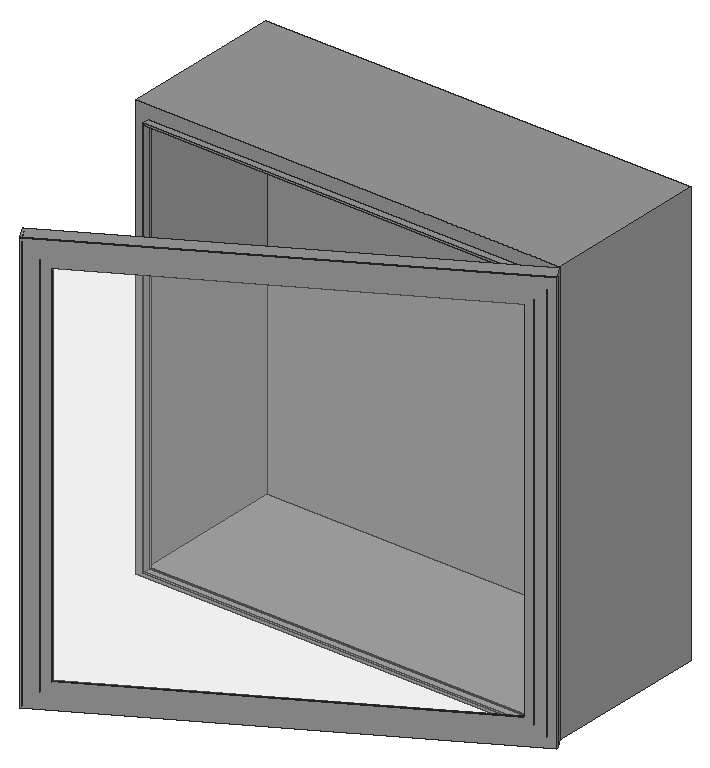
Revit family "Hager-Orion_Inox-IP66-D210-Cl.I-Inox_encl-630A-500mm-NoHosted-CH-de", category Electrical Equipment, Revit 2020
Family settings
  Panel Configuration = Two Columns, Circuits Across
  Round Connector Dimension = Use Diameter
  Part Type = Panelboard
  Work Plane-Based = Yes
  Always vertical = Yes
  Cut with Voids When Loaded = No
  Shared = No
  Room Calculation Point = No
Parameters (values of type "Aufputz IP66 B500 H500 T210  - FL023TWL")
  Width Control [instance] = if([EF000008 - Breite] > Min Width, [EF000008 - Breite], Min Width)  # 500 mm
  Type Comments = [HG000003 - Bereich]  # "Orion Inox"
  Thickness Door [instance] = if([EF009171 - Materialstärke Tür/Deckel] > 3 mm, 3 mm, [EF009171 - Materialstärke Tür/Deckel])  # 1.5 mm
  Seal Frame Offset [instance] = 17 mm  # constant formula
  Min Width [instance] = 100 mm  # constant formula
  Min Depth [instance] = (2 * [EF009170 - Materialstärke Gehäuse]) + 1 mm  # 4 mm
  Min Height [instance] = 100 mm  # constant formula
  Internal Frame Depth [instance] = -(Door System Depth * 0.5)  # -9 mm
  Panel Name [instance] = ""  # (empty or 0)
  Model = ""
  HG000027 - Sockelhöhe = 0 mm
  HG000026 - Stehend auf dem Boden = no
  HG000024 - Höhe des unteren Teils = 600 mm
  HG000023 - Gehäuse mit doppeltem Querschnitt = no
  HG000016 - 3D-Türsichtbarkeit [instance] = yes
  HG000015 - Sichtbarkeit der Türöffnung [instance] = no
  HG000014 - Tür rechts [instance] = yes
  HG000013 - Tür links [instance] = not([HG000014 - Tür rechts])  # no
  HG000012 - Türschwenkwinkel [instance] = 30.00°
  HG000010 - Asymmetrische Türen = no
  HG000009 - Doppelflügeligen Tür = no
  HG000006 - Unterputz = no
  HG000004 - Herstellerreferenz = "FL023TWL"
  HG000003 - Bereich = "Orion Inox"
  HG000002 - Mit tür = yes
  Frame Offset Bottom [instance] = 10 mm  # constant formula
  Frame Offset [instance] = 15 mm  # constant formula
  EF015940 - Deckel mit Überdruckentlastung = no
  EF011959 - Schutzart (NEMA) = ""
  EF009554 - Anzahl der Öffnungen für Flanschplatten = 0
  EF009212 - Ausführung Deckel = "EV000116 - geschlossen"
  EF009171 - Materialstärke Tür/Deckel = 1.5 mm
  EF009170 - Materialstärke Gehäuse = 1.5 mm
  EF008873 - Nennstrom (In) = 630 A
  EF007800 - Geeignet für Blitzschutz = no
  EF006306 - Mit Schloss = yes
  EF006244 - Transparenter Deckel/Tür = yes
  EF005474 - Schutzart (IP) = "EV006422 - IP66"
  EF004464 - Art der Tür = "EV002646 - Einzel"
  EF004427 - Anzahl der Module = 0
  EF004293 - Schlagfestigkeit = "EV006814 - IK08"
  EF003532 - Geeignet für Außengebrauch = yes
  EF002950 - Breite in Teilungseinheiten = 0
  EF001613 - Funktionserhalt = "EV000494 - ohne"
  EF001596 - Werkstoff des Gehäuses = "EV000166 - rostfreier Stahl"
  EF001131 - Innentiefe = 176 mm
  EF001088 - Anbaumöglichkeit = yes
  EF000437 - Anzahl der Leitungseinführungen = 0
  EF000339 - Art der Abdeckung = "EV004216 - Tür"
  EF000266 - Anzahl der Reihen = 0
  EF000218 - Einbautiefe = 0 mm
  EF000118 - Mit Montageplatte = no
  EF000116 - RAL-Nummer = ""
  EF000049 - Tiefe = 210 mm
  EF000040 - Höhe = 500 mm
  EF000008 - Breite = 500 mm
  EF000007 - Farbe = "EV000154 - sonstige"
  EF000003 - Montageart = "EV000384 - Aufputz"
  Door System Leaf Tolerance [instance] = 1.5 mm  # constant formula
  Door System Depth [instance] = 18 mm  # constant formula
  Description = ""
  Default Elevation = 1219.2 mm
  Connector Offset [instance] = Height Control / 2  # 250 mm
  Manufacturer = "Hager"  # constant formula
  Height Control [instance] = if([EF000040 - Höhe] > Min Height, [EF000040 - Höhe], Min Height)  # 500 mm
  Depth Control [instance] = if([EF000049 - Tiefe] > Min Depth, [EF000049 - Tiefe], Min Depth)  # 210 mm
Types (8, lengths in mm): name | Width Control | HG000004 - Herstellerreferenz | EF009212 - Ausführung Deckel | EF006306 - Mit Schloss | EF006244 - Transparenter Deckel/Tür | EF004293 - Schlagfestigkeit | EF001613 - Funktionserhalt | EF000008 - Breite
  Aufputz IP66 B400 H500 T210  - FL021BW | 400 | "FL021BW" | "EV009916 - mit Ausschnitt" | no | no | "EV008784 - IK10" | "" | 400
  Aufputz IP66 B400 H500 T210  - FL021BWL | 400 | "FL021BWL" | "EV009916 - mit Ausschnitt" | no | no | "EV008784 - IK10" | "" | 400
  Aufputz IP66 B400 H500 T210  - FL021TW | 400 | "FL021TW" | "EV000116 - geschlossen" | yes | yes | "EV006814 - IK08" | "EV000494 - ohne" | 400
  Aufputz IP66 B400 H500 T210  - FL021TWL | 400 | "FL021TWL" | "EV000116 - geschlossen" | yes | yes | "EV006814 - IK08" | "EV000494 - ohne" | 400
  Aufputz IP66 B500 H500 T210  - FL023BW | 500 | "FL023BW" | "EV000116 - geschlossen" | yes | no | "EV008784 - IK10" | "EV000494 - ohne" | 500
  Aufputz IP66 B500 H500 T210  - FL023BWL | 500 | "FL023BWL" | "EV000116 - geschlossen" | yes | no | "EV008784 - IK10" | "EV000494 - ohne" | 500
  Aufputz IP66 B500 H500 T210  - FL023TW | 500 | "FL023TW" | "EV000116 - geschlossen" | yes | yes | "EV006814 - IK08" | "EV000494 - ohne" | 500
  Aufputz IP66 B500 H500 T210  - FL023TWL | 500 | "FL023TWL" | "EV000116 - geschlossen" | yes | yes | "EV006814 - IK08" | "EV000494 - ohne" | 500
Reference planes
  plane 1 "Center (Front/Back)": y = 0
  plane 2: z = 0
  plane 3 "Center (Left/Right)": x = 0
  plane 4: y = 0
  plane 5: y = 0
  plane 6: z = 0
  plane 7: x = -250
  plane 8: x = 250
  plane 9: x = 248.5
  plane 10: x = -248.5
  plane 11: z = 0
  plane 12: z = 1.5
  plane 13: y = -210
  plane 14: y = -1.5
  plane 15: x = 0
  plane 16: y = -192
  plane 17: y = -208.5
  plane 18: y = -190.5
  plane 19: x = -233.5
  plane 20: x = 233.5
  plane 21: z = 11.5
  plane 22: x = -233
  plane 23: x = 233
  plane 24: z = 0
  plane 25: z = 500
  plane 26: z = 500
  plane 27: z = 483.5
  plane 28: z = 498.5
Forms (mm)
  Extrusion 1, solid, material "Hager_Stainless_Steel", detail levels medium+fine
    sketch origin (-208.679, -4572, 0) x (-1, 0, 0) y (0, -1, 0)
      loop
        line (41.321, -4380) -> (-458.679, -4380) -> (-458.679, -4572) -> (41.321, -4572) -> (41.321, -4380)
    from 0 to 500
  Extrusion 2, void
    sketch origin (-350.771, -210, 1219.2) x (1, 0, 0) y (0, 0, 1)
      loop
        line (102.271, -720.7) -> (102.271, -1217.7) -> (599.271, -1217.7) -> (599.271, -720.7) -> (102.271, -720.7)
    from -19.5 to -208.5
  Extrusion 3, void
    sketch origin (-290.084, -192, 1219.2) x (1, 0, 0) y (0, 0, 1)
      loop
        line (56.584, -1207.7) -> (523.584, -1207.7) -> (523.584, -735.7) -> (56.584, -735.7) -> (56.584, -1207.7)
    from 0 to -1.5
  Extrusion 4, solid, material "Hager_Stainless_Steel", detail levels fine
    sketch origin (-290.084, -192, 1219.2) x (-1, 0, 0) y (0, 0, 1)
      loop
        line (-523.584, -1207.7) -> (-56.584, -1207.7) -> (-56.584, -735.7) -> (-523.584, -735.7) -> (-523.584, -1207.7)
      loop
        line (-525.084, -1209.2) -> (-55.084, -1209.2) -> (-55.084, -734.2) -> (-525.084, -734.2) -> (-525.084, -1209.2)
    from 0 to -9 <- "Internal Frame Depth"
  Extrusion 5, solid, material "Hager_Stainless_Steel", detail levels coarse
    sketch origin (0, 0, 0) x (1, 0, 0) y (0, 1, 0)
      loop
        line (-250, 0) -> (-250, -210) -> (250, -210) -> (250, 0) -> (-250, 0)
    from 0 to 500 <- "Height Control"
Cuts and joins
  Extrusion 2, Extrusion 3 cuts Extrusion 1
Lines and regions (mm)
  Masking region 1
    outline origin (0, 0, 0) x (1, 0, 0) y (0, 1, 0)
      loop
        line (-250, 0) -> (-250, -210) -> (250, -210) -> (250, 0) -> (-250, 0)
  Masking region 2
    outline origin (-290.084, -192, 1219.2) x (-1, 0, 0) y (0, 0, 1)
      loop
        line (-540.084, -1219.2) -> (-40.084, -1219.2) -> (-40.084, -719.2) -> (-540.084, -719.2) -> (-540.084, -1219.2)
  Masking region 3, detail levels coarse
    outline origin (0, 0, 0) x (0, 1, 0) y (0, 0, 1)
      loop
        line (0, 0) -> (0, 500) -> (-210, 500) -> (-210, 0) -> (0, 0)
  Masking region 4, detail levels medium+fine
    outline origin (0, 0, 594.038) x (0, 1, 0) y (0, 0, 1)
      loop
        line (0, -594.038) -> (0, -94.038) -> (-192, -94.038) -> (-192, -594.038) -> (0, -594.038)
Dimensions and locks
  locked: plane 1 "Center (Front/Back)" to plane 5
  "EF009170 - Materialstärke Gehäuse": plane 7 to plane 10
  "EF009170 - Materialstärke Gehäuse": plane 8 to plane 9
  equal spacing: plane 7, plane 3 "Center (Left/Right)", plane 8
  "Width Control": plane 7 to plane 8
  "Depth Control": plane 4 to plane 13
  "EF009170 - Materialstärke Gehäuse": plane 4 to plane 14
  "Height Control": plane 25 to level
  "EF009170 - Materialstärke Gehäuse": plane 12 to plane 11
  "EF009170 - Materialstärke Gehäuse": plane 17 to plane 13
  "EF009170 - Materialstärke Gehäuse": plane 18 to plane 16
  "Frame Offset Bottom": plane 21 to plane 12
  "Frame Offset": plane 10 to plane 19
  "Frame Offset": plane 9 to plane 20
  "Door System Depth": plane 16 to plane 13
  "Seal Frame Offset": plane 7 to plane 22
  "Seal Frame Offset": plane 8 to plane 23
  "EF009170 - Materialstärke Gehäuse": plane 26 to plane 28
  "Frame Offset": plane 28 to plane 27
  "Connector Offset": plane 2 to connector elem
  "Thickness Door": cut or joined group of Extrusion 1, Extrusion 2, Extrusion 3 to Extrusion 4 sketch curve
  "Thickness Door": Extrusion 4 sketch curve to plane 19
  "Thickness Door": Extrusion 4 sketch curve to plane 20
  "Thickness Door": Extrusion 4 sketch curve to plane 27
  aligned and locked: Extrusion 2 sketch curve to plane 12
  aligned and locked: Extrusion 2 sketch curve to plane 9
  aligned and locked: Extrusion 2 sketch curve to plane 10
  aligned and locked: plane 14 to Extrusion 2
  aligned and locked: plane 4 to Extrusion 1 sketch curve
  aligned and locked: plane 8 to Extrusion 1 sketch curve
  aligned and locked: plane 7 to Extrusion 1 sketch curve
  aligned and locked: Extrusion 2 to plane 18
  aligned and locked: plane 19 to Extrusion 3 sketch curve
  aligned and locked: plane 20 to Extrusion 3 sketch curve
  aligned and locked: Extrusion 3 to Extrusion 2
  aligned and locked: Extrusion 3 sketch curve to plane 21
  aligned and locked: plane 3 "Center (Left/Right)" to nested 1
  aligned and locked: Extrusion 1 sketch curve to plane 16
  aligned and locked: Masking region 1 sketch curve to plane 7
  aligned and locked: Masking region 1 sketch curve to plane 5
  aligned and locked: Masking region 1 sketch curve to plane 8
  aligned and locked: Masking region 2 sketch curve to level
  aligned and locked: level to Masking region 3 sketch curve
  aligned and locked: plane 1 "Center (Front/Back)" to Masking region 3 sketch curve
  aligned and locked: plane 13 to Masking region 3 sketch curve
  aligned and locked: Masking region 2 sketch curve to plane 8
  aligned and locked: Masking region 2 sketch curve to plane 7
  aligned and locked: plane 7 to nested 2
  aligned and locked: nested 2 to plane 5
  aligned and locked: plane 5 to Masking region 4 sketch curve
  aligned and locked: plane 26 to Masking region 4 sketch curve
  aligned and locked: Extrusion 5 sketch curve to plane 8
  aligned and locked: Extrusion 5 sketch curve to plane 7
  aligned and locked: Extrusion 5 sketch curve to plane 5
  aligned and locked: Extrusion 3 sketch curve to plane 27
  aligned and locked: Extrusion 2 sketch curve to plane 28
  aligned and locked: Extrusion 4 sketch curve to plane 27
  aligned and locked: Extrusion 4 sketch curve to plane 20
  aligned and locked: Extrusion 4 sketch curve to plane 21
  aligned and locked: Extrusion 4 sketch curve to plane 19
  aligned and locked: Masking region 2 to plane 25
  aligned and locked: Masking region 4 sketch curve to plane 24
  aligned and locked: Masking region 1 to plane 13
  aligned and locked: nested 1 to plane 16
  aligned and locked: Masking region 3 to plane 25
  aligned and locked: Masking region 4 sketch curve to plane 16
  aligned and locked: plane 24 to plane 11
  aligned and locked: plane 26 to plane 25
  aligned and locked: level to plane 24
  aligned and locked: Extrusion 1 to Masking region 3
  aligned and locked: level to nested 1
Automatic sketch dimensions
  Extrusion 5 sketch curve to plane 13 = 0 mm
  plane 27 to Masking region 2 sketch curve = 16.5 mm
  plane 27 to Masking region 3 sketch curve = 16.5 mm
  Masking region 1 sketch curve to plane 13 = 0 mm
  Extrusion 3 sketch curve to plane 21 = 0 mm
  plane 19 to Extrusion 3 sketch curve = 0 mm
  Extrusion 3 sketch curve to plane 20 = 0 mm
Nested families
  nested 1: "EC000058_OrionInox_Door" at (0, -192, 0), Double <- "HG000009 - Doppelflügeligen Tür", Transparent <- "EF006244 - Transparenter Deckel/Tür", Angle <- "HG000012 - Türschwenkwinkel", Door_Right <- "HG000014 - Tür rechts", Assymetrical <- "HG000010 - Asymmetrische Türen", Door <- "HG000002 - Mit tür", Width_Ctrl <- "Width Control", 3d_Door <- "HG000016 - 3D-Türsichtbarkeit", Clearance <- "HG000015 - Sichtbarkeit der Türöffnung", Door_Left <- "HG000013 - Tür links", Width <- "Width Control", Door_Depth <- "Door System Depth", Leaf_Tolerance <- "Door System Leaf Tolerance", Height <- "Height Control", Thickness <- "Thickness Door", type "EC000058_OrionInox_Door", detail levels medium+fine
    with min_wh 4 mm, Width_Ctrl 500 mm, Width 500 mm, Transparent yes, Thickness 1.5 mm, Seal_Material Hager_Rubber, Leaf_Width 500 mm, Leaf_Tolerance_External_Sides 0 mm, Leaf_Tolerance 1.5 mm, Leaf_Offset 0 mm, Leaf_Height 497 mm, Leaf_2_Width 500 mm, Leaf_2_Offset 250 mm, Leaf_1_Width 500 mm, Leaf_1_Offset 250 mm, Height_Ctrl 500 mm, Height 500 mm, Glass_Material Hager_Glass, Double_Clearance_Ctrl no, Double no, Door_Right_Ctrl yes, Door_Right yes, Door_Material Hager_Stainless_Steel, Door_Left_Ctrl no, Door_Left no, Door_Depth 18 mm, Door yes, Clearance_Material Hager_Clearance, Clearance_Depth 500 mm, Clearance_Ctrl no, Clearance no, Assymetrical no, Angle 30.00°, 3d_Door yes
  nested 2: "Hager_Enclosure_Symbol" at (-250, 0, 0), Height <- "Depth Control", Width <- "Width Control", type "Hager_Enclosure_Symbol"
    with Width_Ctrl 500 mm, Width 500 mm, Height_Ctrl 210 mm, Height 210 mm, A_Width_Int 13.781 mm, A_Width 165.375 mm, A_Height_Ctrl 183.75 mm, A_Height 183.75 mm
Connectors
  electrical at (0, 0, 250)
    settings: on plane 1 "Center (Front/Back)", index 1, voltage 0 V, apparent load 0 VA, apparent load phase1 0 VA, apparent load phase2 0 VA, apparent load phase3 0 VA, power factor 1, load classification "Other", number of poles 1, system type 30, power factor state 1, is connector primary yes, connector utility no, sub classification motor no, connector description ""
Definition of nested family "EC000058_OrionInox_Door"
  Parameters (values of type "EC000058_OrionInox_Door")
    min_wh [instance] = (2 * Thickness) + 1 mm  # 11 mm
    Width_Ctrl [instance] = 400 mm
    Width [instance] = 500 mm
    Transparent [instance] = yes
    Thickness [instance] = 5 mm
    Seal_Material [instance] = none
    Leaf_Width [instance] = if((Width_Ctrl - 2 * Leaf_Tolerance_External_Sides) > 0 mm, (Width_Ctrl - 2 * Leaf_Tolerance_External_Sides), min_wh)  # 400 mm
    Leaf_Tolerance_External_Sides [instance] = 0 mm  # constant formula
    Leaf_Tolerance [instance] = 1.5 mm
    Leaf_Offset [instance] = 0 mm  # constant formula
    Leaf_Height [instance] = if((Height_Ctrl - 2 * Leaf_Tolerance) > 0 mm, (Height_Ctrl - 2 * Leaf_Tolerance), min_wh)  # 497 mm
    Leaf_2_Width [instance] = if(and(and(Double, Assymetrical), Door_Left), (Leaf_Width / 3) - (Leaf_Tolerance / 2), if(and(and(Double, Assymetrical), Door_Right), (Leaf_Width / 3) * 2 - (Leaf_Tolerance / 2), if(and(Double, not(Assymetrical)), (Leaf_Width / 2) - Leaf_Tolerance, Leaf_Width)))  # 400 mm
    Leaf_2_Offset [instance] = if(and(Double, Assymetrical), Leaf_2_Width / 2, if(and(Double, not(Assymetrical)), Leaf_Width / 4, Leaf_Width / 2))  # 200 mm
    Leaf_1_Width [instance] = if(and(and(Double, Assymetrical), Door_Right), (Leaf_Width / 3) - (Leaf_Tolerance / 2), if(and(and(Double, Assymetrical), Door_Left), (Width / 3) * 2 - (Leaf_Tolerance / 2), if(and(Double, not(Assymetrical)), (Leaf_Width / 2) - Leaf_Tolerance, Leaf_Width)))  # 400 mm
    Leaf_1_Offset [instance] = if(and(Double, Assymetrical), Leaf_1_Width / 2, if(and(Double, not(Assymetrical)), Leaf_Width / 4, Leaf_Width / 2))  # 200 mm
    Height_Ctrl [instance] = if(Height > min_wh, Height, min_wh)  # 500 mm
    Height [instance] = 500 mm
    Glass_Material [instance] = none
    Double_Clearance_Ctrl [instance] = and(Double, Clearance)  # no
    Double [instance] = no
    Door_Right_Ctrl [instance] = and(or(Door_Right, Double), Door)  # yes
    Door_Right [instance] = yes
    Door_Material [instance] = none
    Door_Left_Ctrl [instance] = and(or(Door_Left, Double), Door)  # no
    Door_Left [instance] = no
    Door_Depth [instance] = 30 mm
    Door [instance] = yes
    Default Elevation = 1219.2 mm
    Clearance_Material [instance] = none
    Clearance_Depth [instance] = if(Leaf_1_Width > Leaf_2_Width, Leaf_1_Width, Leaf_2_Width)  # 400 mm
    Clearance_Ctrl [instance] = and(not(Double), Clearance)  # yes
    Clearance [instance] = yes
    Assymetrical [instance] = yes
    Angle [instance] = 30.00°
    3d_Door [instance] = yes
  Reference planes
    plane 1 "Center (Front/Back)": y = 0
    plane 2 "Bottom": z = 0
    plane 3 "Center (Left/Right)": x = 0
    plane 4: z = 500
    plane 5: x = -200
    plane 6: x = 200
    plane 7: z = 500
    plane 8: x = -200
    plane 9: z = 0
    plane 10: x = 200
    plane 11: y = 0
    plane 12: z = 1.5
    plane 13: x = -600
    plane 14: y = -400
    plane 15: x = 600
    plane 16: x = 0
    plane 17: x = 0
    plane 18: x = -200
    plane 19: x = 200
    plane 20: z = 498.5
  Forms (mm)
    Extrusion 1, solid, material <- "Clearance_Material", visible <- "Double_Clearance_Ctrl"
      sketch origin (1200, 0, 0) x (1, 0, 0) y (0, 0, -1)
        loop
          line (-1800, -498.5) -> (-600, -498.5) -> (-600, 0) -> (-1800, 0) -> (-1800, -498.5)
      from 0 to -400
  Dimensions and locks
    equal spacing: plane 5, plane 3 "Center (Left/Right)", plane 6
    "Width_Ctrl": plane 5 to plane 6
    "Leaf_Offset": plane 5 to plane 8
    "Leaf_Offset": plane 6 to plane 10
    "Leaf_Offset": plane 9 to level
    "Leaf_Offset": plane 4 to plane 7
    "Height_Ctrl": plane 4 to level
    "Leaf_Tolerance": plane 12 to plane 9
    locked: plane 11 to plane 1 "Center (Front/Back)"
    "Leaf_1_Offset": plane 18 to plane 16
    "Leaf_2_Offset": plane 17 to plane 19
    "Leaf_1_Width": plane 13 to plane 8
    "Leaf_2_Width": plane 10 to plane 15
    "Clearance_Depth": plane 14 to plane 1 "Center (Front/Back)"
    "Leaf_Tolerance_External_Sides": plane 8 to plane 18
    "Leaf_Tolerance_External_Sides": plane 19 to plane 10
    "Leaf_Tolerance": plane 7 to plane 20
    aligned and locked: level to plane 2 "Bottom"
    aligned and locked: nested 1 to plane 16
    aligned and locked: nested 2 to plane 17
    aligned and locked: Extrusion 1 to plane 13
    aligned and locked: plane 15 to Extrusion 1
    aligned and locked: Extrusion 1 to plane 14
    aligned and locked: plane 12 to nested 1
    aligned and locked: nested 2 to plane 12
    aligned and locked: Extrusion 1 to plane 11
    aligned and locked: plane 20 to Extrusion 1
    aligned and locked: nested 2 to plane 11
    aligned and locked: nested 1 to plane 11
  Automatic sketch dimensions
    Extrusion 1 sketch curve to level = 0 mm
    plane 5 to Extrusion 1 sketch curve = 400 mm
    plane 6 to Extrusion 1 sketch curve = 400 mm
    Extrusion 1 sketch curve to plane 4 = 1.5 mm
  Nested families
    nested 1: "EC000058_OrionInox_Door_Leaf" at (0, 0, 1.5), Width <- "Leaf_1_Width", visible <- "Door_Left_Ctrl", Leaf_Height <- "Leaf_Height", Angle <- "Angle", 3d_Door <- "3d_Door", Transparent <- "Transparent", Clearance Material <- "Clearance_Material", Clearance <- "Clearance_Ctrl", Door_Material <- "Door_Material", Glass_Material <- "Glass_Material", Door_Depth <- "Door_Depth", Seal_Material <- "Seal_Material", Thickness <- "Thickness", type "EC000058_OrionInox_Door_Leaf"
      with Width 400 mm, Transparent_Ctrl yes, Transparent yes, Thickness 5 mm, Standard no, Seal_Material none, Seal_D2 8 mm, Seal_D1 1 mm, Offset_Internal_Frame 10 mm, Lock_Width 28 mm, Lock_Thickness 2 mm, Lock_Radius 6 mm, Leaf_Height 497 mm, Internal_Seal_Thickness 8 mm, Internal_Seal_Depth_2 4.5 mm, Internal_Frame_Depth 25 mm, Glass_Thickness -1 mm, Glass_Offset -2 mm, Glass_Material none, Door_Material none, Door_Depth 30 mm, Clearance Material none, Clearance yes, Angle_Ctrl 30.00°, Angle 30.00°, 3d_Door yes
    nested 2: "EC000058_OrionInox_Door_Leaf" at (0, 0, 1.5) x (-1, 0, 0) z (0, 0, 1), Width <- "Leaf_2_Width", visible <- "Door_Right_Ctrl", Leaf_Height <- "Leaf_Height", Angle <- "Angle", 3d_Door <- "3d_Door", Transparent <- "Transparent", Clearance Material <- "Clearance_Material", Clearance <- "Clearance_Ctrl", Door_Material <- "Door_Material", Glass_Material <- "Glass_Material", Door_Depth <- "Door_Depth", Seal_Material <- "Seal_Material", Thickness <- "Thickness", type "EC000058_OrionInox_Door_Leaf"
      with Width 400 mm, Transparent_Ctrl yes, Transparent yes, Thickness 5 mm, Standard no, Seal_Material none, Seal_D2 8 mm, Seal_D1 1 mm, Offset_Internal_Frame 10 mm, Lock_Width 28 mm, Lock_Thickness 2 mm, Lock_Radius 6 mm, Leaf_Height 497 mm, Internal_Seal_Thickness 8 mm, Internal_Seal_Depth_2 4.5 mm, Internal_Frame_Depth 25 mm, Glass_Thickness -1 mm, Glass_Offset -2 mm, Glass_Material none, Door_Material none, Door_Depth 30 mm, Clearance Material none, Clearance yes, Angle_Ctrl 30.00°, Angle 30.00°, 3d_Door yes
  Definition of nested family "EC000058_OrionInox_Door_Leaf"
    Parameters (values of type "EC000058_OrionInox_Door_Leaf")
      Width [instance] = 450 mm
      Transparent_Ctrl [instance] = and(Transparent, [3d_Door])  # yes
      Transparent [instance] = yes
      Thickness [instance] = 5 mm
      Standard [instance] = and(not(Transparent), [3d_Door])  # no
      Seal_Material [instance] = none
      Seal_D2 [instance] = 8 mm  # constant formula
      Seal_D1 [instance] = 1 mm  # constant formula
      Offset_Internal_Frame [instance] = 10 mm  # constant formula
      Lock_Width [instance] = Door_Depth - Lock_Thickness  # 28 mm
      Lock_Thickness [instance] = 2 mm  # constant formula
      Lock_Radius [instance] = 6 mm  # constant formula
      Leaf_Height [instance] = 450 mm
      Internal_Seal_Thickness [instance] = 8 mm  # constant formula
      Internal_Seal_Depth_2 [instance] = 4.5 mm  # constant formula
      Internal_Frame_Depth [instance] = if(Door_Depth - Thickness > 5 mm, Door_Depth - Thickness, 5 mm)  # 25 mm
      Glass_Thickness [instance] = if(Thickness > 15 mm, Glass_Offset + 10 mm, -1 mm)  # -1 mm
      Glass_Offset [instance] = if(Thickness > 15 mm, -(Thickness + 10 mm) / 2, -2 mm)  # -2 mm
      Glass_Material [instance] = none
      Door_Material [instance] = none
      Door_Depth [instance] = 30 mm
      Default Elevation = 0 mm
      Clearance Material [instance] = none
      Clearance [instance] = yes
      Angle_Ctrl [instance] = if(Angle > 180.00°, 180.00°, Angle)  # 90.00°
      Angle [instance] = 90.00°
      3d_Door [instance] = yes
    Reference planes
      plane 1 "Center (Front/Back)": y = 0
      plane 2: z = 0
      plane 3 "Center (Left/Right)": x = 0
      plane 4: y = 450
      plane 5: x = -225
      plane 6: x = 225
      plane 7: x = -675
      plane 8: z = 450
      plane 9: z = 30
      plane 10: z = 420
      plane 11: x = 195
      plane 12: x = -195
      plane 13: y = -3
      plane 14: z = 107.833
      plane 15: y = -5
      plane 16: y = -223.314
      plane 17: x = -225
      plane 18: y = 30
    Forms (mm)
      Extrusion 1, solid, material <- "Clearance Material", visible <- "Clearance"
        sketch origin (0, 0, 0) x (1, 0, 0) y (0, 0, 1)
          loop
            line (-675, 450) -> (-675, 0) -> (225, 0) -> (225, 450) -> (-675, 450)
        from 0 to -450
      Extrusion 2, solid, material <- "Door_Material", visible <- "Standard", detail levels medium+fine
        sketch origin (-225, 0, 0) x (0, 1, 0) y (-1, 0, 0)
          loop
            line (0, 30) -> (0, 25) -> (450, 25) -> (450, 30) -> (0, 30)
        from 0 to 450 <- "Leaf_Height"
      Extrusion 3, solid, material <- "Door_Material", visible <- "Transparent_Ctrl", detail levels medium+fine
        sketch origin (-225, 0, 0) x (0, 1, 0) y (-1, 0, 0)
          loop
            line (0, 25) -> (450, 25) -> (450, 30) -> (0, 30) -> (0, 25)
        from 0 to 450 <- "Leaf_Height"
      Extrusion 4, void
        sketch origin (-250, 450, 0) x (0, 1, 0) y (0, 0, -1)
          loop
            line (-30, -420) -> (-30, -30) -> (-420, -30) -> (-420, -420) -> (-30, -420)
        from 0 to 5 <- "Thickness"
      Sweep 5, solid, material <- "Seal_Material", visible <- "Transparent_Ctrl", detail levels fine
        path in 3D
          loop
            line (-250, 30, 30) -> (-250, 30, 420) -> (-250, 420, 420) -> (-250, 420, 30) -> (-250, 30, 30)
        profile origin (-250, 225, 30) x (1, 0, 0) y (0, 0, 1)
          loop
            line (0, 0) -> (0, -8) -> (1, -8) -> (1, 0) -> (0, 0)
      Extrusion 6, solid, material <- "Glass_Material", visible <- "Transparent_Ctrl", detail levels medium+fine
        sketch origin (-255, 0, 0) x (0, 1, 0) y (0, 0, -1)
          loop
            line (420, -420) -> (420, -30) -> (30, -30) -> (30, -420) -> (420, -420)
        from -2 <- "Glass_Offset" to -1 <- "Glass_Thickness"
      Extrusion 7, solid, material <- "Door_Material", visible <- "3d_Door", detail levels medium+fine
        sketch origin (-250, 450, 0) x (0, -1, 0) y (0, 0, -1)
          loop
            line (0, -450) -> (450, -450) -> (450, 0) -> (0, 0) -> (0, -450)
          loop
            line (445, -5) -> (5, -5) -> (5, -445) -> (445, -445) -> (445, -5)
        from 0 to 25 <- "Internal_Frame_Depth"
      Sweep 8, solid, material <- "Seal_Material", visible <- "Transparent_Ctrl", detail levels fine
        path in 3D
          loop
            line (-250, 0, 0) -> (-250, 450, 0) -> (-250, 450, 450) -> (-250, 0, 450) -> (-250, 0, 0)
        profile origin (-250, 0, 225) x (1, 0, 0) y (0, 1, 0)
          loop
            line (0, 10) -> (2.975, 10)
            arc (2.975, 10) -> (4.053, 10.447) -> (4.5, 11.525) r 1.525
            line (4.5, 11.525) -> (4.5, 16.527)
            arc (4.5, 16.527) -> (4.069, 17.569) -> (3.027, 18) r 1.473
            line (3.027, 18) -> (0, 18) -> (0, 10)
    Cuts and joins
      Extrusion 4 cuts Extrusion 3
    Lines and regions (mm)
      Masking region 1, detail levels medium+fine
        outline origin (0, 0, 0) x (0, 1, 0) y (0, 0, 1)
          loop
            line (0, 0) -> (30, 0) -> (30, 450) -> (0, 450) -> (0, 0)
      Masking region 2, detail levels medium+fine
        outline origin (0, 0, 0) x (1, 0, 0) y (0, 0, 1)
          loop
            line (-225, 450) -> (-225, 0) -> (225, 0) -> (225, 450) -> (-225, 450)
      symbolic lines
        curve 1: line (225, 0, 0) -> (-675, 0, 0)
        curve 2: arc (225, 0, 0) -> (-225, 450, 0) -> (-675, 0, 0) r 450
        curve 4: line (-255, 0, 0) -> (-255, 450, 0)
      reference lines
        curve 3: line (-225, 0, 0) -> (-225, 450, 0)
      symbolic lines, detail levels medium+fine
        curve 5: line (-255, 450, 0) -> (-250, 450, 0)
        curve 7: line (-250, 0, 0) -> (-255, 0, 0)
        curve 8: line (-250, 0, 0) -> (-225, 0, 0)
        curve 9: line (-225, 0, 0) -> (-225, 450, 0)
        curve 10: line (-225, 450, 0) -> (-250, 450, 0)
      symbolic lines, detail levels fine
        curve 6: line (-250, 450, 0) -> (-250, 0, 0)
      sketch lines
        curve 11: line (-250, 0, 450) -> (-250, 0, 0)
        curve 12: line (-250, 450, 0) -> (-250, 0, 0)
        curve 13: line (-250, 450, 450) -> (-250, 450, 0)
        curve 14: line (-250, 0, 450) -> (-250, 450, 450)
        curve 15: line (-250, 420, 30) -> (-250, 30, 30)
        curve 16: line (-250, 30, 30) -> (-250, 30, 420)
        curve 17: line (-250, 420, 420) -> (-250, 420, 30)
        curve 18: line (-250, 30, 420) -> (-250, 420, 420)
      symbolic lines, visible <- "Transparent", detail levels medium+fine
        curve 19: line (-195, 0, 420) -> (195, 0, 420)
        curve 20: line (-195, 0, 30) -> (-195, 0, 420)
        curve 21: line (195, 0, 30) -> (-195, 0, 30)
        curve 22: line (195, 0, 420) -> (195, 0, 30)
    Dimensions and locks
      "Width": plane 1 "Center (Front/Back)" to plane 4
      equal spacing: plane 5, plane 3 "Center (Left/Right)", plane 6
      "Width": plane 5 to plane 6
      "Width": plane 7 to plane 5
      "Leaf_Height": plane 8 to level
      "Width": curve 5 to curve 3
      "Width": curve 3 to curve 3
      plane 8 to plane 10 = 30 mm
      plane 9 to level = 30 mm
      plane 12 to plane 5 = 30 mm
      plane 6 to plane 11 = 30 mm
      Extrusion 4 sketch curve to Extrusion 3 = 30 mm
      Extrusion 3 to Extrusion 4 sketch curve = 30 mm
      Extrusion 1 to Extrusion 4 sketch curve = 30 mm
      curve 3 to Extrusion 4 sketch curve = 30 mm
      Extrusion 4 sketch curve to cut or joined group of Extrusion 3, Extrusion 4 = 30 mm
      cut or joined group of Extrusion 3, Extrusion 4 to Extrusion 6 sketch curve = 30 mm
      cut or joined group of Extrusion 3, Extrusion 4 to Extrusion 4 sketch curve = 30 mm
      "Thickness": curve 6 to curve 4
      "Thickness": Extrusion 7 sketch curve to Extrusion 7 sketch curve  (x4)
      "Door_Depth": curve 4 to curve 3
      "Offset_Internal_Frame": profile plane to Sweep 8 sketch curve
      "Internal_Seal_Thickness": Sweep 8 sketch curve to Sweep 8 sketch curve
      "Internal_Seal_Depth_2": profile plane to Sweep 8 sketch curve
      "Seal_D1": profile plane to Sweep 5 sketch curve
      "Seal_D2": profile plane to Sweep 5 sketch curve
      "Thickness": Extrusion 2 sketch curve to Extrusion 2 sketch curve
      "Door_Depth": plane 18 to plane 1 "Center (Front/Back)"
      radius of Sweep 8 sketch curve = 1.525 mm
      radius of Sweep 8 sketch curve = 1.473 mm
      "Angle_Ctrl": angle plane 1 "Center (Front/Back)" to curve 3
      aligned and locked: level to plane 2
      aligned and locked: Extrusion 1 to curve 1
      aligned and locked: plane 6 to Extrusion 1
      aligned and locked: plane 1 "Center (Front/Back)" to Extrusion 1
      aligned and locked: plane 4 to Extrusion 1
      aligned and locked: plane 8 to Extrusion 1
      aligned and locked: curve 7 to Extrusion 2 sketch curve
      aligned and locked: curve 5 to Extrusion 2 sketch curve
      aligned and locked: curve 7 to Extrusion 3 sketch curve
      aligned and locked: Extrusion 3 sketch curve to curve 4
      aligned and locked: Extrusion 3 sketch curve to curve 6
      aligned and locked: Extrusion 3 sketch curve to curve 5
      aligned and locked: curve 9 to curve 3
      aligned and locked: Extrusion 7 sketch curve to cut or joined group of Extrusion 3, Extrusion 4  (x4)
      aligned and locked: plane 17 to curve 3
      aligned and locked: plane 1 "Center (Front/Back)" to curve 3
      aligned and locked: plane 17 to plane 5
      aligned and locked: Sweep 8 sketch curve to profile plane
      aligned and locked: Sweep 5 sketch curve to profile plane  (x2)
      aligned and locked: plane 1 "Center (Front/Back)" to Masking region 1 sketch curve
      aligned and locked: plane 18 to Masking region 1 sketch curve
      aligned and locked: level to Masking region 1 sketch curve
      aligned and locked: Masking region 1 sketch curve to plane 8
      aligned and locked: plane 17 to Masking region 2 sketch curve
      aligned and locked: level to Masking region 2 sketch curve
      aligned and locked: Masking region 2 sketch curve to plane 8
      aligned and locked: plane 12 to curve 20
      aligned and locked: plane 10 to curve 19
      aligned and locked: plane 11 to curve 22
      aligned and locked: plane 9 to curve 21
      aligned and locked: Extrusion 2 sketch curve to cut or joined group of Extrusion 3, Extrusion 4
    Automatic sketch dimensions
      plane 1 "Center (Front/Back)" to curve 2 = 0 mm
      curve 2 to plane 5 = 0 mm
      Extrusion 1 sketch curve to level = 0 mm
      Extrusion 1 sketch curve to plane 7 = 0 mm
      Extrusion 1 sketch curve to plane 6 = 0 mm
      Extrusion 1 sketch curve to plane 8 = 0 mm
      Extrusion 3 to Extrusion 6 sketch curve = 30 mm  (x4)
      Masking region 2 sketch curve to plane 6 = 0 mm
      curve 4 to curve 3 = 0 mm
Definition of nested family "Hager_Enclosure_Symbol"
  Parameters (values of type "Hager_Enclosure_Symbol")
    Width_Ctrl [instance] = if(Width > 1 mm, Width, 1 mm)  # 102.27 mm
    Width [instance] = 102.27 mm
    Height_Ctrl [instance] = if(Height > 1 mm, Height, 1 mm)  # 66.5 mm
    A_Width_Int [instance] = if(A_Width / 12 > 2 mm, A_Width / 12, 2 mm)  # 4.364 mm
    A_Width [instance] = if(A_Height_Ctrl * 0.9 > 2 mm, A_Height_Ctrl * 0.9, 2 mm)  # 52.369 mm
    A_Height_Ctrl [instance] = if(A_Height > 2 mm, A_Height, 2 mm)  # 58.188 mm
    Height [instance] = 66.5 mm
    A_Height [instance] = Height - (Height / 8)  # 58.188 mm
  Reference planes
    plane 1 "Centre (avant/arrière)": y = 0
    plane 2: z = 0
    plane 3 "Centre (gauche/droite)": x = 0
    plane 4: x = 52.369
    plane 5: y = 33.042
    plane 6: y = 41.77
    plane 7: y = 66.5
    plane 8: x = 26.184
    plane 9: y = 37.406
    plane 10: x = 102.27
    plane 11: y = 66.5
    plane 12: y = 8.313
  Lines and regions (mm)
    Filled region 1, type "Solid_Black", in view "Niveau de réf."
      outline origin (0, 0, 0) x (1, 0, 0) y (0, 1, 0)
        loop
          line (52.369, 66.5) -> (33.188, 54.536) -> (45.365, 45.006) -> (52.369, 66.5)
    Filled region 2, type "Solid_Black", in view "Niveau de réf."
      outline origin (0, 0, 0) x (1, 0, 0) y (0, 1, 0)
        loop
          line (0, 0) -> (102.27, 0) -> (102.27, 66.5) -> (0, 0)
    detail lines, in view "Niveau de réf."
      curve 1: line (0, 8.313, 0) -> (26.184, 41.77, 0)
      curve 2: line (26.184, 41.77, 0) -> (26.184, 33.042, 0)
      curve 3: line (26.184, 33.042, 0) -> (52.369, 66.5, 0)
  Dimensions and locks
    "A_Width": plane 3 "Centre (gauche/droite)" to plane 4
    equal spacing: plane 3 "Centre (gauche/droite)", plane 8, plane 4
    equal spacing: plane 6, plane 9, plane 5
    equal spacing: curve 3, Filled region 1 sketch curve, Filled region 1 sketch curve
    "Height_Ctrl": plane 1 "Centre (avant/arrière)" to plane 11
    "A_Height_Ctrl": plane 11 to plane 12
    equal spacing: plane 11, plane 9, plane 12
    "A_Width_Int": plane 6 to plane 9
    "Width_Ctrl": plane 3 "Centre (gauche/droite)" to plane 10
    angle Filled region 1 sketch curve to curve 3 = 20.00°
    angle curve 3 to Filled region 1 sketch curve = 20.00°
    locked: curve 3 to Filled region 1 sketch curve (angle 90.00°)
    aligned and locked: plane 10 to Filled region 2
    aligned and locked: plane 11 to Filled region 2 sketch curve
    aligned and locked: plane 10 to Filled region 2 sketch curve
    aligned and locked: plane 3 "Centre (gauche/droite)" to curve 1
    aligned and locked: plane 12 to curve 1
    aligned and locked: plane 7 to plane 11
  Automatic sketch dimensions
    Filled region 1 sketch curve to plane 4 = 0 mm
    Filled region 1 sketch curve to plane 7 = 0 mm
    plane 1 "Centre (avant/arrière)" to Filled region 2 sketch curve = 0 mm
    Filled region 2 sketch curve to plane 3 "Centre (gauche/droite)" = 0 mm
    curve 2 to plane 6 = 0 mm
    curve 2 to plane 8 = 0 mm
    curve 3 to plane 4 = 0 mm
    curve 2 to plane 5 = 0 mm
    curve 3 to plane 7 = 0 mm
